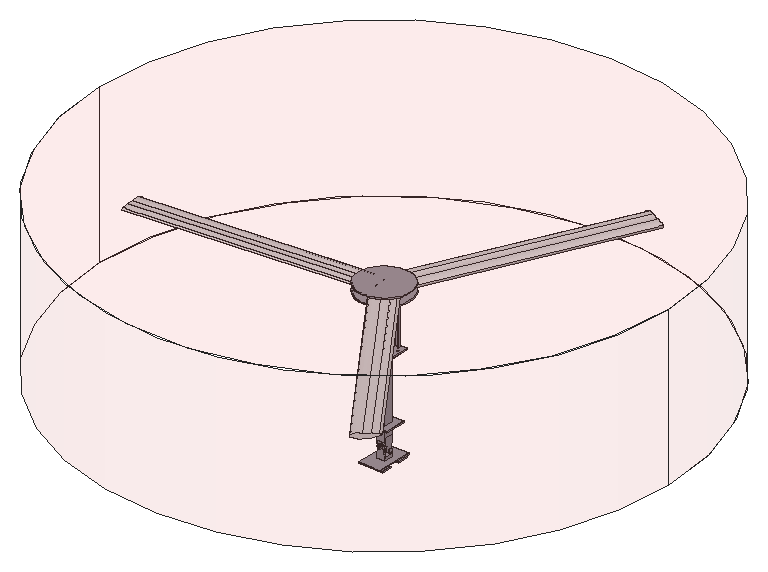
Revit family "HVAC_Mechanical-Ventilation_Envira-North_Alite-3_Ceiling-Fan2", category Electrical Fixtures, Revit 2022
Family settings
  Round Connector Dimension = Use Diameter
  Part Type = Normal
  OmniClass Number = 23.75.35.17.17.11
  OmniClass Title = Ceiling Fans
  Work Plane-Based = Yes
  Always vertical = No
  Cut with Voids When Loaded = No
  Maintain Annotation Orientation = No
  Shared = No
  Room Calculation Point = No
Parameters (values of type "EN780X0166 - 15FT")
  z_Standard Mount Length [instance] = if(Standard Mount Length = z_Standard Mount 4FT, 48.00", if(Standard Mount Length = z_Standard Mount 2FT, 24.00", 12.00"))  # 12.00"
  z_Standard Mount 4FT = Mount Length : 4FT
  z_Standard Mount 2FT = Mount Length : 2FT
  z_Standard Mount 1FT = Mount Length : 1FT
  z_Radius = Diameter / 2  # 90.00"
  z_Extension Type 4FT = Extension Mount : 4FT
  z_Extension Type 2FT = Extension Mount : 2FT
  z_Mount Extension Length [instance] = if(Mount Extension, if(Extension Type = z_Extension Type 4FT, 48.00", 24.00"), 0.00")  # 24.00"
  z_Clearence to Floor = 144.00"  # constant formula
  z_Clearence Blades = 30.00"  # constant formula
  z_Clearence Blades Diameter = Diameter + 36.00"  # 216.00"
  z_Blades Length 2 = Blade : 15FT
  Weight = 168.00 lbf
  Wattage = 368 W  # constant formula
  Voltage = 230 V
  Version = 1
  URL = "https://www.enviranorth.com/"
  Standard Mount Type [instance] = Mount : UMH
  Standard Mount Length [instance] = Mount Length : 1FT
  Sound Rating = 62  # constant formula
  Product data url = ""
  Product Page URL = "https://www.enviranorth.com/alite3fans.html"
  Product Material = Envira North Systems - Metal
  Power Factor = 1
  Number of Poles = 3
  Mount Extension [instance] = yes
  Model = "EN780X0066"
  Maximum Velocity = 389 FPM
  Maximum Effective Diameter = 720.00"
  Manufacturer = "Envira-North Systems"  # constant formula
  Extension Type [instance] = Extension Mount : 2FT
  Diameter = 180.00"
  Design Ventilation Air Flow = 52662 CFM
  Description = "Alite 3 HVLS Fan"
  Default Elevation = 0.00"
  Date Updated = "17/12/2024"  # constant formula
  Date Created = "17/12/2024"  # constant formula
  Ceiling Offset [instance] = z_Standard Mount Length + z_Mount Extension Length  # 36.00"
  CFEI High Speed = 0 ft³·h/(min·Btu)
  CFEI 40% Speed = 1 ft³·h/(min·Btu)
  Blades Clearance [instance] = yes
  Alternate Voltage = 460 V
Types (3): name | z_Radius | z_Clearence Blades Diameter | z_Blades Length 2 | Weight | Model | Maximum Velocity | Maximum Effective Diameter | Diameter | Design Ventilation Air Flow
  (no name) | 90.00" | 216.00" | Blade : 15FT | 168.00 lbf | "EN780X0066" | 389 FPM | 720.00" | 180.00" | 52662 CFM
  EN780X0166 - 15FT | 90.00" | 216.00" | Blade : 15FT | 168.00 lbf | "EN780X0066" | 389 FPM | 720.00" | 180.00" | 52662 CFM
  EN780X0174 - 23FT | 138.00" | 312.00" | Blade : 23FT | 347.00 lbf | "EN780X0074" | 439 FPM | 2760.00" | 276.00" | 177184 CFM
Values of the unnamed type that differ from the named types
  CFEI High Speed = 0.0023247 (stored number, unit not read)
  CFEI 40% Speed = 0.004121 (stored number, unit not read)
Reference planes (in)
  plane 1 "Center (Front/Back)": y = 0
  plane 2: z = 0
  plane 3 "Center (Left/Right)": x = 0
  plane 4: through (0, 0, 48) normal (-0.809, 0.5878, 0)
  plane 5: through (0, 0, 48) normal (-0.809, -0.5878, 0)
  plane 6: through (0, 0, 48) normal (0.309, -0.9511, 0)
  plane 7: through (0, 0, 48) normal (0.309, 0.9511, 0)
  plane 8 "Top": z = 36
  plane 9: z = 54.31505
  plane 10: z = 60.08382
  plane 11: z = 36.25
  plane 12: z = 56.37335
  plane 13: z = 55.44882
  plane 14: z = 55.69882
  plane 15 "Blades Center": z = 58.46457
  plane 16: z = 28.46457
  plane 17: z = 88.46457
  plane 18: z = 35.75
  plane 19: z = 0.26243
  plane 20: z = 38.72129
  plane 21: z = 56.80315
  plane 22: z = 57.18504
  plane 23: z = 59.74409
  plane 24: z = 59.82283
  plane 25: z = 12
Forms (in)
  Extrusion 1, solid, material "Envira North Systems - Metal" <- "Product Material", detail levels medium+fine
    sketch origin (0, 0, 0) x (1, 0, 0) y (0, 1, 0)
      loop
        circle (0, 0) r 6.75
    from 55.44882 to 55.69882
  Extrusion 2, solid, material "Envira North Systems - Metal" <- "Product Material", detail levels coarse
    sketch origin (0, 0, 0) x (1, 0, 0) y (0, 1, 0)
      loop
        circle (0, 0) r 90
    from 56.37335 to 60.08382
  Extrusion 3, solid, visible <- "Blades Clearance"
    sketch origin (0, 0, 0) x (1, 0, 0) y (0, 1, 0)
      loop
        circle (0, 0) r 108
    from 28.46457 to 88.46457
  Extrusion 4, solid, material "Envira North Systems - Metal" <- "Product Material", detail levels coarse
    sketch origin (0, 0, 0) x (1, 0, 0) y (0, 1, 0)
      loop
        line (-4, 5.5) -> (-4, -5.5)
        arc (-4, -5.5) -> (-3.85355, -5.85355) -> (-3.5, -6) r 0.5
        line (-3.5, -6) -> (3.5, -6)
        arc (3.5, -6) -> (3.85355, -5.85355) -> (4, -5.5) r 0.5
        line (4, -5.5) -> (4, 5.5)
        arc (4, 5.5) -> (3.85355, 5.85355) -> (3.5, 6) r 0.5
        line (3.5, 6) -> (-3.5, 6)
        arc (-3.5, 6) -> (-3.85355, 5.85355) -> (-4, 5.5) r 0.5
    from 36 to 56.37335
  Extrusion 5, solid, material "Envira North Systems - Metal" <- "Product Material", detail levels medium+fine
    sketch origin (0, 0, 0) x (1, 0, 0) y (0, 1, 0)
      loop
        line (4, -5.5) -> (4, 5.5)
        arc (4, 5.5) -> (3.85355, 5.85355) -> (3.5, 6) r 0.5
        line (3.5, 6) -> (-3.5, 6)
        arc (-3.5, 6) -> (-3.85355, 5.85355) -> (-4, 5.5) r 0.5
        line (-4, 5.5) -> (-4, -5.5)
        arc (-4, -5.5) -> (-3.85355, -5.85355) -> (-3.5, -6) r 0.5
        line (-3.5, -6) -> (3.5, -6)
        arc (3.5, -6) -> (3.85355, -5.85355) -> (4, -5.5) r 0.5
      loop
        circle (-2.7538, 2.75) r 0.28
      loop
        circle (2.75, 2.75351) r 0.28485
      loop
        circle (2.75039, -2.76112) r 0.28
      loop
        circle (-2.75201, -2.75073) r 0.27925
    from 36 to 36.25
  Extrusion 6, solid, material "Envira North Systems - Metal" <- "Product Material", detail levels medium+fine
    sketch origin (0, 0, 0) x (1, 0, 0) y (0, 1, 0)
      loop
        circle (0, 0) r 3.25
    from 38.72129 to 55.44882
  Extrusion 7, solid, material "Envira North Systems - Metal" <- "Product Material", detail levels medium+fine
    sketch origin (0, 0, 0) x (1, 0, 0) y (0, 1, 0)
      loop
        line (-2, 4.25533) -> (-1.9, 4.25533) -> (-1.9, 4.90533) -> (1.8985, 4.90533) -> (1.8985, 4.25533) -> (2, 4.25533) -> (2, 5.00533) -> (-2, 5.00533) -> (-2, 4.25533)
      loop
        line (-2, -4.25533) -> (-2, -5.00533) -> (2, -5.00533) -> (2, -4.25533) -> (1.8985, -4.25533) -> (1.8985, -4.90533) -> (-1.9, -4.90533) -> (-1.9, -4.25533) -> (-2, -4.25533)
    from 36.25 to 55.44882
  Extrusion 8, solid, material "Envira North Systems - Metal" <- "Product Material", detail levels medium+fine
    sketch origin (0, 0, 0) x (1, 0, 0) y (0, 1, 0)
      loop
        circle (0, 0) r 9.8394
    from 59.74409 to 59.82283
  Extrusion 9, solid, material "Envira North Systems - Metal" <- "Product Material", detail levels medium+fine
    sketch origin (0, 0, 0) x (1, 0, 0) y (0, 1, 0)
      loop
        circle (0, 0) r 9.8394
    from 56.80315 to 57.18504
  Extrusion 10, solid, not visible
    sketch origin (0, 0, 0) x (1, 0, 0) y (0, 1, 0)
      loop
        line (-1.03154, -2.13975) -> (2.34945, 0.22765) -> (-1.39127, 1.97197) -> (-1.03154, -2.13975)
    from 57.18504 to 59.74409
  Extrusion 11, solid
    sketch origin (0, 0, 0) x (1, 0, 0) y (0, 1, 0)
      loop
        circle (0, 0) r 1
    from 55.69882 to 56.80315
Lines and regions (in)
  Masking region 1
    outline origin (0, 0, 0) x (1, 0, 0) y (0, 1, 0)
      loop
        circle (0, 0) r 90
  Masking region 2
    outline origin (0, 0, 0) x (1, 0, 0) y (0, 0, 1)
      loop
        line (-90, 59.74409) -> (-90, 56.80315) -> (90, 56.80315) -> (90, 59.74409) -> (-90, 59.74409)
  Masking region 3, detail levels medium+fine
    outline origin (0, 0, 0) x (1, 0, 0) y (0, 1, 0)
      loop
        arc (-86.74657, -23.97982) -> (-85.59509, -27.81153) -> (-84.27444, -31.58827) r 90
        line (-84.27444, -31.58827) -> (-4, -5.50553) -> (-4, -89.91107)
        arc (-4, -89.91107) -> (0, -90) -> (4, -89.91107) r 90
        line (4, -89.91107) -> (4, -5.40222) -> (84.3089, -31.49617)
        arc (84.3089, -31.49617) -> (85.64047, -27.67148) -> (86.79862, -23.79075) r 90
        line (86.79862, -23.79075) -> (6.47214, 2.10292) -> (56.08447, 70.38844)
        arc (56.08447, 70.38844) -> (52.90067, 72.81153) -> (49.61233, 75.09072) r 90
        line (49.61233, 75.09072) -> (0, 6.80521) -> (-49.61233, 75.09072)
        arc (-49.61233, 75.09072) -> (-52.90067, 72.81153) -> (-56.08447, 70.38844) r 90
        line (-56.08447, 70.38844) -> (-6.47214, 2.10292) -> (-86.74657, -23.97982)
  Masking region 4, detail levels medium+fine
    outline origin (0, 0, 0) x (1, 0, 0) y (0, 0, 1)
      loop
        line (-6.75, 55.44882) -> (-3.25, 55.44882) -> (-3.25, 38.72129) -> (-2, 38.72129) -> (-2, 36.25) -> (-4, 36.25) -> (-4, 36) -> (4, 36) -> (4, 36.25) -> (2, 36.25) -> (2, 38.72129) -> (3.25, 38.72129) -> (3.25, 55.44882) -> (6.75, 55.44882) -> (6.75, 56.80315) -> (-6.75, 56.80315) -> (-6.75, 55.44882)
  Masking region 5, detail levels medium+fine
    outline origin (0, 0, 0) x (1, 0, 0) y (0, 0, 1)
      loop
        line (-3, 36) -> (-3, 35.75) -> (-1.10146, 35.75) -> (-1.10146, 0.26243) -> (-3, 0.26243) -> (-3, 0) -> (3, 0) -> (3, 0.26243) -> (1.10774, 0.26243) -> (1.10774, 35.75) -> (3, 35.75) -> (3, 36) -> (-3, 36)
  Masking region 6, detail levels coarse
    outline origin (0.02166, 0, 0) x (1, 0, 0) y (0, 0, 1)
      loop
        line (-4, 36) -> (4, 36) -> (4, 56.37335) -> (-4, 56.37335) -> (-4, 36)
  Masking region 7, detail levels medium+fine
    outline origin (0, 0, 0) x (0, 1, 0) y (0, 0, 1)
      loop
        line (3, 0) -> (3, 0.26243) -> (0.97376, 0.26243) -> (0.97376, 35.75) -> (3, 35.75) -> (3, 36) -> (-3, 36) -> (-3, 35.75) -> (-1.03573, 35.75) -> (-1.03573, 0.26243) -> (-3, 0.26243) -> (-3, 0) -> (3, 0)
  Masking region 8, detail levels medium+fine
    outline origin (0, 0, 0) x (0, 1, 0) y (0, 0, 1)
      loop
        line (-6, 36) -> (6, 36) -> (6, 36.25) -> (5.00533, 36.25) -> (5.00533, 55.44882) -> (6.75, 55.44882) -> (6.75, 56.37335) -> (-6.75, 56.37335) -> (-6.75, 55.44882) -> (-5.00533, 55.44882) -> (-5.00533, 36.25) -> (-6, 36.25) -> (-6, 36)
  Masking region 9
    outline origin (0, 0, 0) x (0, 1, 0) y (0, 0, 1)
      loop
        line (90, 60.08382) -> (-90, 60.08382) -> (-90, 56.37335) -> (90, 56.37335) -> (90, 60.08382)
  Masking region 10, detail levels coarse
    outline origin (0, 0, 0) x (0, 1, 0) y (0, 0, 1)
      loop
        line (6.75, 56.37335) -> (-6.75, 56.37335) -> (-6.75, 36) -> (6.75, 36) -> (6.75, 56.37335)
  symbolic lines, style "Clearance", visible <- "Blades Clearance"
    curve 1: circle (0, 0, 0) r 108 normal (0, 0, 1)
    curve 12: line (-108, 0, 88.46457) -> (108, 0, 88.46457)
    curve 13: line (-108, 0, 28.46457) -> (-108, 0, 88.46457)
    curve 14: line (108, 0, 28.46457) -> (-108, 0, 28.46457)
    curve 15: line (108, 0, 88.46457) -> (108, 0, 28.46457)
    curve 30: line (0, 108, 88.46457) -> (0, -108, 88.46457)
    curve 31: line (0, 108, 28.46457) -> (0, 108, 88.46457)
    curve 32: line (0, -108, 28.46457) -> (0, 108, 28.46457)
    curve 33: line (0, -108, 88.46457) -> (0, -108, 28.46457)
  symbolic lines
    curve 2: circle (0, 0, 0) r 5.25 normal (0, 0, 1)
    curve 3: line (-3.71231, 3.71231, 0) -> (-4.77297, 4.77297, 0)
    curve 4: line (3.71231, 3.71231, 0) -> (4.77297, 4.77297, 0)
    curve 5: line (-3.71231, -3.71231, 0) -> (-4.77297, -4.77297, 0)
    curve 6: line (3.71231, -3.71231, 0) -> (4.77297, -4.77297, 0)
    curve 8: circle (0, 0, 0) r 6.75 normal (0, 0, 1)
  symbolic lines, detail levels coarse
    curve 7: line (0, 0, 0) -> (0, 0, 36)
    curve 9: line (-3.82585, 5.56106, 0) -> (-11.90911, 0, 0)
    curve 10: line (3.82585, -5.56106, 0) -> (11.90911, 0, 0)
    curve 21: line (0, 0, 36) -> (0, 0, 0)
  symbolic lines, detail levels fine
    curve 11: line (-3.25, 0, 55.44882) -> (3.25, 0, 55.44882)
    curve 16: line (-2, 0, 38.72129) -> (-2, 0, 55.44882)
    curve 17: line (2, 0, 38.72129) -> (2, 0, 55.44882)
    curve 18: line (-2, 0, 36.25) -> (2, 0, 36.25)
    curve 19: line (-1.10146, 0, 35.75) -> (1.10774, 0, 35.75)
    curve 20: line (-1.10146, 0, 0.26243) -> (1.10774, 0, 0.26243)
    curve 22: line (0, 5.00533, 55.44882) -> (0, -5.00533, 55.44882)
    curve 23: line (0, 3.25, 38.72129) -> (0, 3.25, 55.44882)
    curve 24: line (0, -3.25, 38.72129) -> (0, -3.25, 55.44882)
    curve 25: line (0, 3.25, 38.72129) -> (0, -3.25, 38.72129)
    curve 26: line (0, 0.97376, 0.26243) -> (0, -1.03573, 0.26243)
    curve 27: line (0, 0.97376, 35.75) -> (0, -1.03573, 35.75)
    curve 28: line (0, 4.25533, 36.25) -> (0, 4.25533, 55.44882)
    curve 29: line (0, -4.25533, 36.25) -> (0, -4.25533, 55.44882)
  model lines, detail levels coarse
    curve 34: line (0, 0, 36) -> (0, 0, 0)
Dimensions and locks (in)
  plane 10 to plane 24 to plane 23 to plane 22 to plane 21 to plane 12 to plane 14 to plane 13 to plane 9 to plane 20 to plane 11 to plane 8 "Top" to plane 18 = 0.26098" locked, 0.07874" locked, 2.55906" locked, 0.38189" locked, 0.4298" locked, 0.67453" locked, 0.25" locked, 1.13377" locked, 15.59376", 2.47129" locked, 0.25" locked, 0.25" locked
  "z_Clearence Blades": plane 15 "Blades Center" to plane 16
  "z_Clearence Blades": plane 17 to plane 15 "Blades Center"
  "Diameter": Masking region 2 sketch curve to Masking region 2 sketch curve
  equal spacing: Masking region 2 sketch curve, plane 3 "Center (Left/Right)", Masking region 2 sketch curve
  "z_Clearence Blades Diameter": curve 31 to curve 33
  equal spacing: curve 31, plane 1 "Center (Front/Back)", curve 33
  "Diameter": Masking region 9 sketch curve to Masking region 9 sketch curve
  equal spacing: Masking region 9 sketch curve, plane 1 "Center (Front/Back)", Masking region 9 sketch curve
  equal spacing: plane 23, plane 15 "Blades Center", plane 22
  "z_Mount Extension Length": plane 8 "Top" to plane 25
  "z_Standard Mount Length": plane 25 to plane 2
  plane 8 "Top" to plane 2 = 36.00"
  "Diameter": diameter of Extrusion 2 sketch curve
  "z_Clearence Blades Diameter": diameter of Extrusion 3 sketch curve
  "Diameter": diameter of Masking region 1 sketch curve
  "z_Clearence Blades Diameter": diameter of curve 1
  locked: Masking region 3 sketch curve to Masking region 3 sketch curve (angle 71.867°)
  locked: Masking region 3 sketch curve to Masking region 3 sketch curve (angle 72.00°)  (x4)
  aligned and locked: Extrusion 1 to plane 13
  aligned and locked: Extrusion 1 to plane 14
  aligned and locked: Extrusion 3 to plane 16
  aligned and locked: Extrusion 3 to plane 17
  aligned and locked: Extrusion 2 to plane 12
  aligned and locked: Extrusion 2 to plane 10
  aligned and locked: Masking region 3 sketch curve to Masking region 1  (x5)
  aligned and locked: curve 12 to Extrusion 3
  aligned and locked: curve 13 to Extrusion 3
  aligned and locked: curve 14 to Extrusion 3
  aligned and locked: curve 15 to Extrusion 3
  aligned and locked: Extrusion 5 to plane 11
  aligned and locked: plane 8 "Top" to Extrusion 5
  aligned and locked: plane 12 to Extrusion 4
  aligned and locked: plane 11 to Extrusion 7
  aligned and locked: plane 13 to Extrusion 7
  aligned and locked: plane 8 "Top" to Extrusion 4
  aligned and locked: Extrusion 6 to plane 20
  aligned and locked: plane 13 to Extrusion 6
  aligned and locked: curve 30 to Extrusion 3
  aligned and locked: curve 32 to Extrusion 3
  aligned and locked: Extrusion 8 to plane 24
  aligned and locked: plane 23 to Extrusion 8
  aligned and locked: Extrusion 9 to plane 22
  aligned and locked: plane 21 to Extrusion 9
  aligned and locked: Extrusion 10 to plane 23
  aligned and locked: plane 22 to Extrusion 10
  aligned and locked: plane 15 "Blades Center" to nested 2
  aligned and locked: nested 3 to plane 15 "Blades Center"
  aligned and locked: nested 1 to plane 15 "Blades Center"
  aligned and locked: plane 14 to Extrusion 11
  aligned and locked: Extrusion 11 to plane 21
  aligned and locked: Masking region 2 sketch curve to plane 23
  aligned and locked: Masking region 2 sketch curve to plane 21
  aligned and locked: plane 8 "Top" to Masking region 10
  aligned and locked: plane 8 "Top" to curve 7
Automatic sketch dimensions
  plane 1 "Center (Front/Back)" to Extrusion 1 sketch curve = 0.00"
  Extrusion 1 sketch curve to plane 3 "Center (Left/Right)" = 0.00"
  plane 1 "Center (Front/Back)" to Extrusion 2 sketch curve = 0.00"
  Extrusion 2 sketch curve to plane 3 "Center (Left/Right)" = 0.00"
  plane 1 "Center (Front/Back)" to Extrusion 3 sketch curve = 0.00"
  Extrusion 3 sketch curve to plane 3 "Center (Left/Right)" = 0.00"
  plane 1 "Center (Front/Back)" to Masking region 1 sketch curve = 0.00"
  Masking region 1 sketch curve to plane 3 "Center (Left/Right)" = 0.00"
  Masking region 3 sketch curve to Masking region 3 sketch curve = 6.47214"  (x2)
  Masking region 3 sketch curve to Masking region 3 sketch curve = 4.70228"  (x2)
  Masking region 3 sketch curve to plane 4 = 0.00"
  Masking region 3 sketch curve to plane 7 = 0.00"
  Masking region 3 sketch curve to plane 3 "Center (Left/Right)" = 0.00"
  plane 3 "Center (Left/Right)" to Masking region 3 sketch curve = 4.00"
  Masking region 3 sketch curve to plane 3 "Center (Left/Right)" = 4.00"
  plane 6 to Masking region 3 sketch curve = 0.00"
  Masking region 3 sketch curve to plane 1 "Center (Front/Back)" = 2.10292"  (x2)
  plane 1 "Center (Front/Back)" to Masking region 3 sketch curve = 5.40222"
  curve 1 to curve 2 = 0.00"
  curve 1 to curve 8 = 0.00"
  curve 2 to curve 8 = 0.00"  (x2)
  plane 1 "Center (Front/Back)" to curve 9 = 0.00"
  plane 1 "Center (Front/Back)" to curve 2 = 0.00"
  curve 2 to plane 3 "Center (Left/Right)" = 0.00"
  plane 1 "Center (Front/Back)" to curve 10 = 0.00"
  curve 5 to plane 3 "Center (Left/Right)" = 3.71231"
  curve 3 to plane 3 "Center (Left/Right)" = 3.71231"
  curve 9 to curve 3 = 0.11354"
  curve 5 to curve 5 = 1.06066"  (x2)
  curve 3 to curve 9 = 0.94712"
  curve 9 to curve 5 = 7.13614"
  plane 3 "Center (Left/Right)" to curve 4 = 3.71231"
  curve 6 to curve 10 = 0.11354"
  curve 4 to curve 4 = 1.06066"
  curve 10 to curve 6 = 0.94712"
  curve 6 to curve 10 = 7.13614"
  plane 1 "Center (Front/Back)" to curve 6 = 3.71231"
  curve 10 to curve 6 = 0.78809"
  Extrusion 5 sketch curve to plane 3 "Center (Left/Right)" = 4.00"
  Extrusion 5 sketch curve to Extrusion 5 sketch curve = 0.50"  (x3)
  Extrusion 5 sketch curve to Extrusion 5 sketch curve = 0.7462"
  Extrusion 5 sketch curve to Extrusion 5 sketch curve = 0.74799"
  plane 3 "Center (Left/Right)" to Extrusion 5 sketch curve = 2.75039"
  plane 3 "Center (Left/Right)" to Extrusion 5 sketch curve = 2.75"
  plane 3 "Center (Left/Right)" to Extrusion 5 sketch curve = 3.50"  (x2)
  plane 1 "Center (Front/Back)" to Extrusion 5 sketch curve = 6.00"
  Extrusion 5 sketch curve to Extrusion 5 sketch curve = 2.73888"
  Extrusion 5 sketch curve to Extrusion 5 sketch curve = 2.74927"
  Extrusion 5 sketch curve to plane 1 "Center (Front/Back)" = 2.75351"
  Extrusion 5 sketch curve to plane 1 "Center (Front/Back)" = 2.75"
  Extrusion 5 sketch curve to Extrusion 5 sketch curve = 2.75"
  plane 1 "Center (Front/Back)" to Extrusion 6 sketch curve = 0.00"
  Extrusion 6 sketch curve to plane 3 "Center (Left/Right)" = 0.00"
  Extrusion 7 sketch curve to plane 3 "Center (Left/Right)" = 2.00"  (x2)
  Extrusion 7 sketch curve to Extrusion 7 sketch curve = 0.10"  (x4)
  plane 3 "Center (Left/Right)" to Extrusion 7 sketch curve = 1.8985"  (x2)
  Extrusion 7 sketch curve to Extrusion 7 sketch curve = 0.1015"  (x2)
  plane 1 "Center (Front/Back)" to Extrusion 7 sketch curve = 5.00533"
  Extrusion 7 sketch curve to Extrusion 7 sketch curve = 0.65"  (x3)
  Extrusion 7 sketch curve to plane 1 "Center (Front/Back)" = 4.25533"
  Extrusion 7 sketch curve to Extrusion 7 sketch curve = 0.00"
  Extrusion 4 sketch curve to plane 3 "Center (Left/Right)" = 3.50"
  Extrusion 4 sketch curve to Extrusion 4 sketch curve = 0.50"  (x4)
  Extrusion 4 sketch curve to plane 1 "Center (Front/Back)" = 5.50"
  plane 1 "Center (Front/Back)" to Extrusion 4 sketch curve = 5.50"
  plane 3 "Center (Left/Right)" to Extrusion 4 sketch curve = 3.50"
  plane 12 to Masking region 4 sketch curve = 0.4298"
  Masking region 4 sketch curve to plane 13 = 0.00"  (x2)
  Masking region 4 sketch curve to plane 8 "Top" = 0.00"
  Masking region 4 sketch curve to plane 11 = 0.00"  (x2)
  Masking region 4 sketch curve to plane 20 = 0.00"  (x2)
  Masking region 4 sketch curve to plane 3 "Center (Left/Right)" = 6.75"
  Masking region 4 sketch curve to plane 3 "Center (Left/Right)" = 4.00"
  Masking region 4 sketch curve to plane 3 "Center (Left/Right)" = 3.25"
  Masking region 4 sketch curve to Masking region 4 sketch curve = 1.25"  (x2)
  plane 3 "Center (Left/Right)" to Masking region 4 sketch curve = 2.00"
  Masking region 4 sketch curve to Masking region 4 sketch curve = 2.00"
  Masking region 4 sketch curve to Masking region 4 sketch curve = 3.50"
  Masking region 5 sketch curve to plane 8 "Top" = 0.00"
  Masking region 5 sketch curve to level = 0.00"
  Masking region 5 sketch curve to plane 19 = 0.00"  (x2)
  Masking region 5 sketch curve to plane 18 = 0.00"  (x2)
  Masking region 5 sketch curve to plane 3 "Center (Left/Right)" = 3.00"  (x2)
  Masking region 5 sketch curve to plane 3 "Center (Left/Right)" = 1.10146"
  plane 3 "Center (Left/Right)" to Masking region 5 sketch curve = 1.10774"
  Masking region 5 sketch curve to Masking region 5 sketch curve = 1.89226"  (x2)
  Masking region 6 sketch curve to plane 12 = 0.00"
  Masking region 6 sketch curve to plane 8 "Top" = 0.00"
  Masking region 6 sketch curve to plane 3 "Center (Left/Right)" = 3.97834"
  plane 3 "Center (Left/Right)" to Masking region 6 sketch curve = 4.02166"
  plane 8 "Top" to Masking region 7 sketch curve = 0.00"
  Masking region 7 sketch curve to level = 0.00"
  Masking region 7 sketch curve to plane 19 = 0.00"  (x2)
  Masking region 7 sketch curve to plane 18 = 0.00"  (x2)
  plane 1 "Center (Front/Back)" to Masking region 7 sketch curve = 3.00"  (x2)
  plane 1 "Center (Front/Back)" to Masking region 7 sketch curve = 1.03573"
  Masking region 7 sketch curve to plane 1 "Center (Front/Back)" = 0.97376"
  Masking region 7 sketch curve to Masking region 7 sketch curve = 2.02624"  (x2)
  Masking region 8 sketch curve to plane 14 = 0.67453"
  Masking region 8 sketch curve to plane 13 = 0.00"  (x2)
  plane 8 "Top" to Masking region 8 sketch curve = 0.00"
  plane 11 to Masking region 8 sketch curve = 0.00"  (x2)
  plane 1 "Center (Front/Back)" to Masking region 8 sketch curve = 6.75"
  plane 1 "Center (Front/Back)" to Masking region 8 sketch curve = 6.00"
  Masking region 8 sketch curve to Masking region 8 sketch curve = 0.99467"  (x2)
  Masking region 8 sketch curve to plane 1 "Center (Front/Back)" = 5.00533"
  Masking region 8 sketch curve to Masking region 8 sketch curve = 1.74467"
  plane 10 to Masking region 9 sketch curve = 0.00"
  Masking region 9 sketch curve to plane 12 = 0.00"
  Masking region 10 sketch curve to plane 12 = 0.00"
  Masking region 10 sketch curve to plane 13 = 19.44882"
  plane 1 "Center (Front/Back)" to Masking region 10 sketch curve = 6.75"
  Masking region 10 sketch curve to plane 1 "Center (Front/Back)" = 6.75"
  plane 1 "Center (Front/Back)" to Extrusion 8 sketch curve = 0.00"
  Extrusion 8 sketch curve to plane 3 "Center (Left/Right)" = 0.00"
  plane 1 "Center (Front/Back)" to Extrusion 9 sketch curve = 0.00"
  Extrusion 9 sketch curve to plane 3 "Center (Left/Right)" = 0.00"
  Extrusion 10 sketch curve to plane 3 "Center (Left/Right)" = 1.03154"
  plane 1 "Center (Front/Back)" to Extrusion 10 sketch curve = 2.13975"
  Extrusion 10 sketch curve to plane 3 "Center (Left/Right)" = 1.39127"
  plane 3 "Center (Left/Right)" to Extrusion 10 sketch curve = 2.34945"
  Extrusion 10 sketch curve to plane 1 "Center (Front/Back)" = 0.22765"
  Extrusion 10 sketch curve to plane 1 "Center (Front/Back)" = 1.97197"
  plane 1 "Center (Front/Back)" to Extrusion 11 sketch curve = 0.00"
  Extrusion 11 sketch curve to plane 3 "Center (Left/Right)" = 0.00"
  curve 22 to plane 13 = 0.00"
  plane 11 to curve 29 = 0.00"
  curve 24 to plane 20 = 0.00"
  curve 27 to plane 18 = 0.00"
  curve 26 to plane 19 = 0.00"
  curve 21 to level = 0.00"
  curve 21 to plane 1 "Center (Front/Back)" = 0.00"
  plane 11 to curve 28 = 0.00"
  plane 8 "Top" to curve 21 = 0.00"
  plane 1 "Center (Front/Back)" to curve 24 = 3.25"
  curve 25 to plane 1 "Center (Front/Back)" = 3.25"
  curve 22 to curve 24 = 1.75533"
  curve 22 to curve 29 = 0.75"
  plane 1 "Center (Front/Back)" to curve 27 = 1.03573"
  plane 1 "Center (Front/Back)" to curve 26 = 1.03573"
  curve 26 to plane 1 "Center (Front/Back)" = 0.97376"
  curve 27 to plane 1 "Center (Front/Back)" = 0.97376"
  curve 23 to curve 28 = 1.00533"
  curve 28 to curve 22 = 0.75"
  curve 11 to plane 13 = 0.00"
  curve 18 to plane 11 = 0.00"
  curve 16 to plane 20 = 0.00"
  curve 19 to plane 18 = 0.00"
  curve 20 to plane 19 = 0.00"
  curve 7 to plane 3 "Center (Left/Right)" = 0.00"
  curve 17 to plane 20 = 0.00"
  curve 34 to level = 0.00"
  curve 11 to plane 3 "Center (Left/Right)" = 3.25"
  curve 18 to plane 3 "Center (Left/Right)" = 2.00"
  curve 16 to plane 3 "Center (Left/Right)" = 2.00"
  curve 18 to curve 19 = 0.89854"
  curve 20 to plane 3 "Center (Left/Right)" = 1.10146"
  plane 3 "Center (Left/Right)" to curve 20 = 1.10774"
  plane 3 "Center (Left/Right)" to curve 19 = 1.10774"
  curve 19 to curve 18 = 0.89226"
  plane 3 "Center (Left/Right)" to curve 17 = 2.00"
  curve 17 to curve 11 = 1.25"
  radius of Extrusion 1 sketch curve = 6.75"
  radius of Extrusion 5 sketch curve = 0.28"  (x2)
  radius of Extrusion 5 sketch curve = 0.28485"
  radius of Extrusion 5 sketch curve = 0.27925"
  radius of Extrusion 6 sketch curve = 3.25"
  radius of Extrusion 8 sketch curve = 9.8394"
  radius of Extrusion 9 sketch curve = 9.8394"
  radius of Extrusion 11 sketch curve = 1.00"
Nested families (in)
  nested 1: "Blade" at (0.14122, 1.25736, 58.46457) x (0.9063, -0.4226, 0) z (0.4226, 0.9063, 0), type <- "z_Blades Length 2", type "15FT", detail levels medium+fine
  nested 2: "Blade" at (0.85679, -0.81752, 58.02026) x (-0.8192, -0.5736, 0) z (0.5736, -0.8192, 0), type <- "z_Blades Length 2", type "15FT", detail levels medium+fine
  nested 3: "Blade" at (-1.18884, -0.34172, 58.46457) x (-0.0872, 0.9962, 0) z (-0.9962, -0.0872, 0), type <- "z_Blades Length 2", type "15FT", detail levels medium+fine
  nested 4: "Extension Mount" at (0.0204, 0, 12), type <- "Extension Type", visible <- "Mount Extension", type "2FT", detail levels medium+fine
  nested 5: "Mount Length" at (0, 0, 0), type <- "Standard Mount Length", type "1FT", detail levels medium+fine
  nested 6: "Mount" at (0, 0, 0), type <- "Standard Mount Type", type "UMH", detail levels medium+fine
    with z_Wood Mount Height 4.23757"
Connectors (in)
  electrical at (0, 0, 36), driven by "Voltage", driven by "Power Factor", driven by "Wattage", driven by "Number of Poles"
    settings: on plane 8 "Top", index 1, voltage 230 V, apparent load 368 VA, apparent load phase1 0 VA, apparent load phase2 0 VA, apparent load phase3 0 VA, power factor 1, load classification "HVAC", number of poles 3, system type 30, power factor state 1, is connector primary yes, connector utility no, sub classification motor yes, connector description "Fan Power Supply"
Definition of nested family "Blade"
  Parameters (values of type "23FT")
    z_Blade Length = 136.80"
    Product Material = none
    Default Elevation = 48.00"
  Types (2): name | z_Blade Length
    15FT | 88.80"
    23FT | 136.80"
  Reference planes (in)
    plane 1 "Center (Front/Back)": y = 0
    plane 2: z = 0
    plane 3 "Center (Left/Right)": x = 0
    plane 4: z = 136.8
  Forms (in)
    Extrusion 1, solid
      sketch origin (0, 0, 0) x (1, 0, 0) y (0, 1, 0)
        loop
          line (-48, 48) -> (-48, -48) -> (48, -48) -> (48, 48) -> (-48, 48)
      from 0 to -12
    Extrusion 2, solid, material <- "Product Material"
      sketch origin (0, 0, 0) x (1, 0, 0) y (0, 1, 0)
        loop
          arc (-4.79592, -0.44431) -> (-4.53866, -0.70191) -> (-4.20344, -0.84394) r 0.95074
          arc (-4.20344, -0.84394) -> (-3.06852, -1.02292) -> (-1.92118, -1.08381) r 11.11775
          arc (-1.92118, -1.08381) -> (-0.47173, -0.72038) -> (1.01981, -0.81136) r 4.89306
          arc (1.01981, -0.81136) -> (2.85149, -0.87971) -> (4.59339, -0.30913) r 5.20727
          arc (4.59339, -0.30913) -> (4.79592, -0.00092) -> (4.64872, 0.33723) r 0.38749
          arc (4.64872, 0.33723) -> (3.01368, 0.95747) -> (1.26843, 1.0677) r 5.86074
          arc (1.26843, 1.0677) -> (-1.82347, 0.55124) -> (-4.79592, -0.44431) r 19.90182
      from 0 to 136.8
  Dimensions and locks (in)
    "z_Blade Length": plane 4 to level
    aligned and locked: plane 2 to Extrusion 1
    aligned and locked: level to Extrusion 1
    aligned and locked: plane 4 to Extrusion 2
  Automatic sketch dimensions
    Extrusion 1 sketch curve to Extrusion 1 sketch curve = 96.00"  (x2)
    Extrusion 2 sketch curve to plane 1 "Center (Front/Back)" = 0.08629"
    Extrusion 2 sketch curve to plane 3 "Center (Left/Right)" = 4.00701"
    Extrusion 2 sketch curve to plane 3 "Center (Left/Right)" = 1.90639"
    Extrusion 2 sketch curve to plane 3 "Center (Left/Right)" = 0.02037"
    plane 3 "Center (Left/Right)" to Extrusion 2 sketch curve = 1.77576"
    plane 3 "Center (Left/Right)" to Extrusion 2 sketch curve = 2.12678"
    plane 3 "Center (Left/Right)" to Extrusion 2 sketch curve = 2.99122"
    Extrusion 2 sketch curve to plane 1 "Center (Front/Back)" = 0.03213"
    plane 3 "Center (Left/Right)" to Extrusion 2 sketch curve = 4.40984"
    plane 1 "Center (Front/Back)" to Extrusion 2 sketch curve = 4.77104"
    Extrusion 2 sketch curve to Extrusion 2 sketch curve = 0.82154"
    Extrusion 2 sketch curve to Extrusion 2 sketch curve = 13.16684"
    Extrusion 2 sketch curve to plane 1 "Center (Front/Back)" = 4.27689"
    Extrusion 2 sketch curve to Extrusion 2 sketch curve = 5.75703"
    plane 1 "Center (Front/Back)" to Extrusion 2 sketch curve = 0.84394"
    Extrusion 2 sketch curve to Extrusion 2 sketch curve = 0.00"  (x4)
    plane 1 "Center (Front/Back)" to Extrusion 2 sketch curve = 0.44431"
    plane 1 "Center (Front/Back)" to Extrusion 2 sketch curve = 1.08381"
Definition of nested family "Extension Mount"
  Parameters (values of type "2FT")
    z_Mount Length = 24.00"
    Product Material = none
    Default Elevation = 48.00"
  Types (2): name | z_Mount Length
    2FT | 24.00"
    4FT | 48.00"
  Reference planes (in)
    plane 1 "Center (Front/Back)": y = 0
    plane 2: z = 0
    plane 3 "Center (Left/Right)": x = 0
    plane 4: z = 24
    plane 5: z = 23.75
  Forms (in)
    Extrusion 1, solid
      sketch origin (0, 0, 0) x (1, 0, 0) y (0, 1, 0)
        loop
          line (-48, 48) -> (-48, -48) -> (48, -48) -> (48, 48) -> (-48, 48)
      from 0 to -12
    Extrusion 2, solid, material <- "Product Material"
      sketch origin (-0.02354, 0.55749, 0) x (1, 0, 0) y (0, 1, 0)
        loop
          line (-1.49208, 0.95814) -> (-1.49208, -2.07311) -> (1.53917, -2.07311) -> (1.53917, 0.95814) -> (-1.49208, 0.95814)
      from 0.26243 to 23.75
    Extrusion 3, solid, material <- "Product Material"
      sketch origin (-0.02354, 0.03099, 0) x (1, 0, 0) y (0, 1, 0)
        loop
          line (-4, 4) -> (-4, -4) -> (4, -4) -> (4, 4) -> (-4, 4)
      from 0 to 0.26243
    Extrusion 4, solid, material <- "Product Material"
      sketch origin (-0.02354, 0.03099, 0) x (1, 0, 0) y (0, 1, 0)
        loop
          line (-4, 4) -> (-4, -4) -> (4, -4) -> (4, 4) -> (-4, 4)
      from 23.75 to 24
  Dimensions and locks (in)
    "z_Mount Length": plane 4 to plane 2
    locked: plane 4 to plane 5 at 0.25
    Extrusion 4 sketch curve to Extrusion 4 sketch curve = 8.00"
    aligned and locked: plane 2 to Extrusion 1
    aligned and locked: level to Extrusion 1
    aligned and locked: plane 5 to Extrusion 4
    aligned and locked: Extrusion 4 to plane 4
    aligned and locked: Extrusion 2 to plane 5
  Automatic sketch dimensions
    Extrusion 1 sketch curve to Extrusion 1 sketch curve = 96.00"  (x2)
    Extrusion 2 sketch curve to plane 3 "Center (Left/Right)" = 1.51562"
    plane 3 "Center (Left/Right)" to Extrusion 2 sketch curve = 1.51563"
    plane 1 "Center (Front/Back)" to Extrusion 2 sketch curve = 1.51563"
    Extrusion 3 sketch curve to plane 3 "Center (Left/Right)" = 4.02354"
    plane 3 "Center (Left/Right)" to Extrusion 3 sketch curve = 3.97646"
    plane 1 "Center (Front/Back)" to Extrusion 3 sketch curve = 3.96901"
    Extrusion 3 sketch curve to plane 1 "Center (Front/Back)" = 4.03099"
    Extrusion 4 sketch curve to plane 3 "Center (Left/Right)" = 4.02354"
    plane 3 "Center (Left/Right)" to Extrusion 4 sketch curve = 3.97646"
    plane 1 "Center (Front/Back)" to Extrusion 4 sketch curve = 3.96901"
    Extrusion 2 sketch curve to plane 1 "Center (Front/Back)" = 1.51562"
Definition of nested family "Mount Length"
  Parameters (values of type "4FT")
    z_Mount Length = 48.00"
    Product Material = none
    Default Elevation = 48.00"
  Types (3): name | z_Mount Length
    1FT | 12.00"
    2FT | 24.00"
    4FT | 48.00"
  Reference planes (in)
    plane 1 "Center (Front/Back)": y = 0
    plane 2: z = 0
    plane 3 "Center (Left/Right)": x = 0
    plane 4: z = 48
    plane 5: z = 47.75
    plane 6: z = 6.5625
  Forms (in)
    Extrusion 1, solid
      sketch origin (0, 0, 0) x (1, 0, 0) y (0, 1, 0)
        loop
          line (-48, 48) -> (-48, -48) -> (48, -48) -> (48, 48) -> (-48, 48)
      from 0 to -12
    Extrusion 2, solid, material <- "Product Material"
      sketch origin (-0.02354, 0.03099, 0) x (1, 0, 0) y (0, 1, 0)
        loop
          line (-1.49974, 1.4923) -> (-1.49974, -1.53099) -> (1.52354, -1.53099) -> (1.52354, 1.4923) -> (-1.49974, 1.4923)
      from 6.5625 to 47.75
    Extrusion 3, solid, material <- "Product Material"
      sketch origin (-0.02354, 0.03099, 12.0625) x (1, 0, 0) y (0, 1, 0)
        loop
          line (-3.99974, 3.9923) -> (-3.99974, -4.0077) -> (4.02354, -4.0077) -> (4.02354, 3.9923) -> (-3.99974, 3.9923)
      from 35.6875 to 35.9375
  Dimensions and locks (in)
    "z_Mount Length": plane 4 to plane 2
    locked: plane 4 to plane 5 at 0.25
    locked: plane 6 to plane 2 at 6.5625
    aligned and locked: plane 2 to Extrusion 1
    aligned and locked: level to Extrusion 1
    aligned and locked: plane 5 to Extrusion 3
    aligned and locked: Extrusion 3 to plane 4
    aligned and locked: Extrusion 2 to plane 5
  Automatic sketch dimensions
    Extrusion 1 sketch curve to Extrusion 1 sketch curve = 96.00"  (x2)
    Extrusion 2 sketch curve to plane 3 "Center (Left/Right)" = 1.52329"
    plane 3 "Center (Left/Right)" to Extrusion 2 sketch curve = 1.50"
    plane 1 "Center (Front/Back)" to Extrusion 2 sketch curve = 1.50"
    Extrusion 2 sketch curve to plane 1 "Center (Front/Back)" = 1.52329"
    Extrusion 3 sketch curve to plane 3 "Center (Left/Right)" = 4.02329"
    plane 3 "Center (Left/Right)" to Extrusion 3 sketch curve = 4.00"
    plane 1 "Center (Front/Back)" to Extrusion 3 sketch curve = 3.97671"
    Extrusion 3 sketch curve to plane 1 "Center (Front/Back)" = 4.02329"
Definition of nested family "Mount"
  Parameters (values of type "UMH Wood")
    z_Wood Mount Height [instance] = 4.23757"
    z_Wood = yes
    Product Material = none
    Default Elevation = 48.00"
  Types (2): name | z_Wood
    UMH | no
    UMH Wood | yes
  Reference planes (in)
    plane 1 "Center (Front/Back)": y = 0
    plane 2: z = 0
    plane 3 "Center (Left/Right)": x = 0
    plane 4: z = 6.5625
    plane 5: z = -4.23757
    plane 6: z = -4.5
  Forms (in)
    Extrusion 1, solid, material <- "Product Material"
      sketch origin (-0.02354, 0.03099, 0) x (1, 0, 0) y (0, 1, 0)
        loop
          line (-3.97646, 6.84401) -> (-3.97646, -6.90599) -> (4.00026, -6.90599) -> (4.00026, 6.84401) -> (-3.97646, 6.84401)
      from 0 to 0.26243
    Extrusion 2, solid, material <- "Product Material"
      sketch origin (0, 0, 0) x (1, 0, 0) y (0, 0, 1)
        loop
          line (-1.37439, 1.75) -> (-1.37439, 0.25) -> (1.37439, 0.25) -> (1.37439, 1.75) -> (0.89439, 4.89646)
          arc (0.89439, 4.89646) -> (0, 5.58983) -> (-0.89439, 4.89646) r 0.92353
          line (-0.89439, 4.89646) -> (-1.37439, 1.75)
      from 1.5 to 1.6875
    Extrusion 3, solid, material <- "Product Material"
      sketch origin (0, 0, 0) x (1, 0, 0) y (0, 0, 1)
        loop
          line (-1.37439, 1.75) -> (-1.37439, 0.25) -> (1.37439, 0.25) -> (1.37439, 1.75) -> (0.89439, 4.89646)
          arc (0.89439, 4.89646) -> (0, 5.58983) -> (-0.89439, 4.89646) r 0.92353
          line (-0.89439, 4.89646) -> (-1.37439, 1.75)
      from -1.6875 to -1.5
    Extrusion 4, solid, material <- "Product Material"
      sketch origin (0, 0, 0) x (0, 1, 0) y (0, 0, 1)
        loop
          line (-1.3511, 8.0625) -> (-1.3511, 6.5625) -> (-0.8726, 3.42583)
          arc (-0.8726, 3.42583) -> (0.02329, 2.69452) -> (0.91917, 3.42583) r 0.9144
          line (0.91917, 3.42583) -> (1.39768, 6.5625) -> (1.39768, 8.0625) -> (-1.3511, 8.0625)
      from 1.5 to 1.66421
    Extrusion 5, solid, material <- "Product Material"
      sketch origin (0, 0, 0) x (0, 1, 0) y (0, 0, 1)
        loop
          line (-1.3511, 8.0625) -> (-1.3511, 6.5625) -> (-0.8726, 3.42583)
          arc (-0.8726, 3.42583) -> (0.02329, 2.69452) -> (0.91917, 3.42583) r 0.9144
          line (0.91917, 3.42583) -> (1.39768, 6.5625) -> (1.39768, 8.0625) -> (-1.3511, 8.0625)
      from -1.71079 to -1.52329
    Extrusion 6, solid, material <- "Product Material"
      sketch origin (-0.02354, 0.03099, 0) x (1, 0, 0) y (0, 1, 0)
        loop
          line (-1.49974, 1.4923) -> (-1.49974, -1.53099) -> (1.52354, -1.53099) -> (1.52354, 1.4923) -> (-1.49974, 1.4923)
      from 0.26243 to 1.25
    Extrusion 7, solid, material <- "Product Material"
      sketch origin (0, 0, 0) x (1, 0, 0) y (0, 0, 1)
        loop
          circle (0, 4.75564) r 0.40062
      from -2.3215 to 2.55367
    Extrusion 8, solid, material <- "Product Material"
      sketch origin (0, 0, 0) x (0, 1, 0) y (0, 0, 1)
        loop
          circle (0, 3.56453) r 0.3925
      from -2.34479 to 2.53038
    Extrusion 9, solid, material <- "Product Material"
      sketch origin (0, 0, 0) x (0, 1, 0) y (0, 0, 1)
        loop
          line (6.054, -0.25) -> (5.65625, -0.64775) -> (1.84375, -0.64775) -> (1.84375, -0.88685) -> (5.75529, -0.88685) -> (6.22307, -0.41907) -> (6.054, -0.25)
        loop
          line (-1.84375, -0.88685) -> (-1.84375, -0.64775) -> (-5.65625, -0.64775) -> (-6.054, -0.25) -> (-6.22307, -0.41907) -> (-5.75529, -0.88685) -> (-1.84375, -0.88685)
      from -4.02329 to 3.97671
    Extrusion 10, solid, material <- "Product Material"
      sketch origin (0, 0, 0) x (0, 1, 0) y (0, 0, 1)
        loop
          line (6.45625, 0) -> (4.45625, 0) -> (4.45625, -0.25) -> (6.45625, -0.25) -> (6.45625, 0)
        loop
          line (-4.45625, 0) -> (-6.45625, 0) -> (-6.45625, -0.25) -> (-4.45625, -0.25) -> (-4.45625, 0)
      from -4.02329 to 4
    Extrusion 11, solid, material <- "Product Material", visible <- "z_Wood"
      sketch origin (-0.02354, 0.03099, -4.5) x (1, 0, 0) y (0, 1, 0)
        loop
          line (-3.97646, 6.84401) -> (-3.97646, -6.90599) -> (4.00026, -6.90599) -> (4.00026, 6.84401) -> (-3.97646, 6.84401)
      from 0 to 0.26243
    Extrusion 12, solid, material <- "Product Material", visible <- "z_Wood"
      sketch origin (0, 0, 0) x (1, 0, 0) y (0, 1, 0)
        loop
          circle (-2.76709, 5.16342) r 0.25
        loop
          circle (2.76709, 5.16342) r 0.25
        loop
          circle (-2.76709, -5.16342) r 0.25
        loop
          circle (2.76709, -5.16342) r 0.25
      from -5.12318 to 0.93228
  Cuts and joins
    joined: Extrusion 4, Extrusion 5, Extrusion 8
    joined: Extrusion 2, Extrusion 3, Extrusion 6, Extrusion 7, Extrusion 10
  Dimensions and locks (in)
    locked: plane 4 to plane 2 at 6.5625
    locked: plane 5 to plane 6 at 0.26243
    "z_Wood Mount Height": plane 2 to plane 5
  Automatic sketch dimensions
    Extrusion 1 sketch curve to plane 3 "Center (Left/Right)" = 4.00"
    plane 3 "Center (Left/Right)" to Extrusion 1 sketch curve = 3.97671"
    plane 1 "Center (Front/Back)" to Extrusion 1 sketch curve = 6.875"
    Extrusion 1 sketch curve to plane 1 "Center (Front/Back)" = 6.875"
    Extrusion 2 sketch curve to plane 3 "Center (Left/Right)" = 0.00"
    Extrusion 2 sketch curve to plane 3 "Center (Left/Right)" = 0.89439"
    level to Extrusion 2 sketch curve = 0.25"
    Extrusion 2 sketch curve to plane 3 "Center (Left/Right)" = 1.37439"
    plane 3 "Center (Left/Right)" to Extrusion 2 sketch curve = 0.89439"
    plane 3 "Center (Left/Right)" to Extrusion 2 sketch curve = 1.37439"
    Extrusion 2 sketch curve to Extrusion 2 sketch curve = 1.50"  (x2)
    plane 4 to Extrusion 2 sketch curve = 1.8962"
    Extrusion 2 sketch curve to Extrusion 2 sketch curve = 0.23016"
    Extrusion 3 sketch curve to plane 3 "Center (Left/Right)" = 0.00"
    Extrusion 3 sketch curve to plane 3 "Center (Left/Right)" = 0.89439"
    level to Extrusion 3 sketch curve = 0.25"
    Extrusion 3 sketch curve to plane 3 "Center (Left/Right)" = 1.37439"
    plane 3 "Center (Left/Right)" to Extrusion 3 sketch curve = 0.89439"
    plane 3 "Center (Left/Right)" to Extrusion 3 sketch curve = 1.37439"
    Extrusion 3 sketch curve to Extrusion 3 sketch curve = 1.50"  (x2)
    plane 4 to Extrusion 3 sketch curve = 1.8962"
    Extrusion 3 sketch curve to Extrusion 3 sketch curve = 0.23016"
    plane 4 to Extrusion 4 sketch curve = 0.00"  (x2)
    plane 1 "Center (Front/Back)" to Extrusion 4 sketch curve = 1.3511"
    plane 1 "Center (Front/Back)" to Extrusion 4 sketch curve = 0.8726"
    Extrusion 4 sketch curve to plane 1 "Center (Front/Back)" = 0.02329"
    Extrusion 4 sketch curve to Extrusion 4 sketch curve = 0.89589"
    Extrusion 4 sketch curve to plane 1 "Center (Front/Back)" = 1.39768"
    plane 4 to Extrusion 4 sketch curve = 2.95357"
    Extrusion 4 sketch curve to Extrusion 4 sketch curve = 0.1831"
    Extrusion 4 sketch curve to Extrusion 4 sketch curve = 1.50"
    plane 4 to Extrusion 5 sketch curve = 0.00"  (x2)
    plane 1 "Center (Front/Back)" to Extrusion 5 sketch curve = 1.3511"
    plane 1 "Center (Front/Back)" to Extrusion 5 sketch curve = 0.8726"
    Extrusion 5 sketch curve to plane 1 "Center (Front/Back)" = 0.02329"
    Extrusion 5 sketch curve to Extrusion 5 sketch curve = 0.89589"
    Extrusion 5 sketch curve to plane 1 "Center (Front/Back)" = 1.39768"
    plane 4 to Extrusion 5 sketch curve = 2.95357"
    Extrusion 5 sketch curve to Extrusion 5 sketch curve = 0.1831"
    Extrusion 5 sketch curve to Extrusion 5 sketch curve = 1.50"
    Extrusion 6 sketch curve to plane 3 "Center (Left/Right)" = 1.52329"
    plane 3 "Center (Left/Right)" to Extrusion 6 sketch curve = 1.50"
    plane 1 "Center (Front/Back)" to Extrusion 6 sketch curve = 1.50"
    Extrusion 6 sketch curve to plane 1 "Center (Front/Back)" = 1.52329"
    Extrusion 7 sketch curve to plane 3 "Center (Left/Right)" = 0.00"
    plane 4 to Extrusion 7 sketch curve = 1.80686"
    Extrusion 8 sketch curve to plane 1 "Center (Front/Back)" = 0.00"
    plane 4 to Extrusion 8 sketch curve = 2.99797"
    Extrusion 9 sketch curve to level = 0.41907"
    plane 1 "Center (Front/Back)" to Extrusion 9 sketch curve = 6.22307"
    Extrusion 9 sketch curve to level = 0.25"  (x2)
    Extrusion 9 sketch curve to Extrusion 9 sketch curve = 0.16907"
    Extrusion 9 sketch curve to level = 0.88685"  (x2)
    Extrusion 9 sketch curve to level = 0.64775"  (x2)
    plane 1 "Center (Front/Back)" to Extrusion 9 sketch curve = 1.84375"
    Extrusion 9 sketch curve to plane 1 "Center (Front/Back)" = 1.84375"
    Extrusion 9 sketch curve to Extrusion 9 sketch curve = 3.8125"
    Extrusion 9 sketch curve to Extrusion 9 sketch curve = 0.09904"
    Extrusion 9 sketch curve to Extrusion 9 sketch curve = 0.39775"
    Extrusion 10 sketch curve to level = 0.00"  (x2)
    plane 1 "Center (Front/Back)" to Extrusion 10 sketch curve = 6.45625"
    Extrusion 10 sketch curve to level = 0.25"  (x2)
    Extrusion 10 sketch curve to Extrusion 10 sketch curve = 2.00"  (x2)
    Extrusion 10 sketch curve to plane 1 "Center (Front/Back)" = 4.45625"
    Extrusion 11 sketch curve to plane 3 "Center (Left/Right)" = 4.00"
    plane 3 "Center (Left/Right)" to Extrusion 11 sketch curve = 3.97671"
    plane 1 "Center (Front/Back)" to Extrusion 11 sketch curve = 6.875"
    Extrusion 11 sketch curve to plane 1 "Center (Front/Back)" = 6.875"
    Extrusion 12 sketch curve to plane 3 "Center (Left/Right)" = 2.76709"  (x2)
    plane 3 "Center (Left/Right)" to Extrusion 12 sketch curve = 2.76709"  (x2)
    plane 1 "Center (Front/Back)" to Extrusion 12 sketch curve = 5.16342"  (x2)
    Extrusion 12 sketch curve to plane 1 "Center (Front/Back)" = 5.16342"  (x2)
    radius of Extrusion 7 sketch curve = 0.40062"
    radius of Extrusion 8 sketch curve = 0.3925"
    radius of Extrusion 12 sketch curve = 0.25"  (x4)
